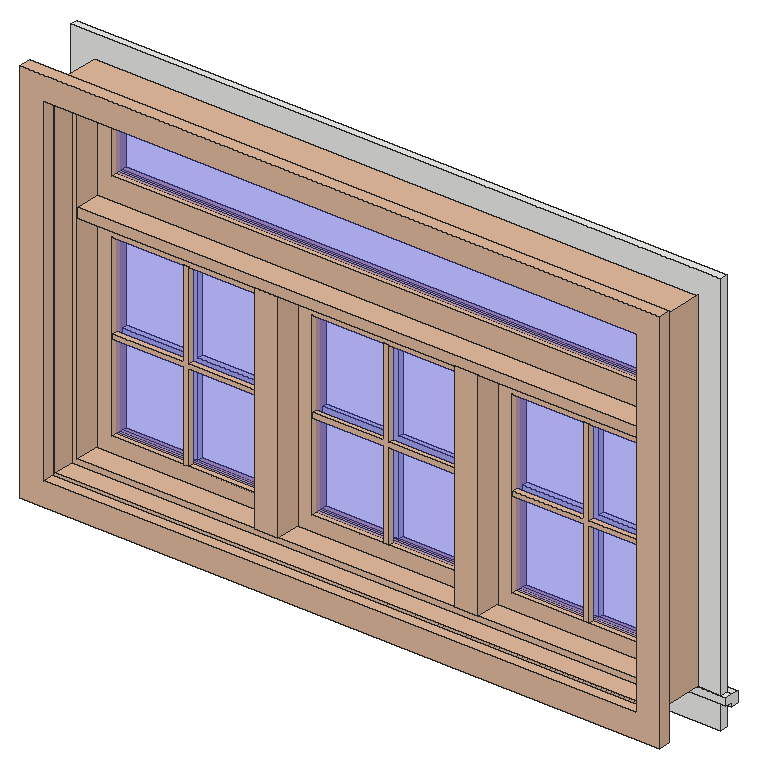
Revit family "M_Janela-batente-triplo-travessa", category Janelas, Revit 2019
Family settings
  Hospedeiro = Parede
  Número OmniClass = 23.30.20.17.21.14
  Título OmniClass = Casement Windows
  Sempre na vertical = Sim
  Corte com vazios quando carregada = Não
  Compartilhado = Não
  Ponto de cálculo do ambiente = Não
Parameters (values of type "1550 x 900mm")
  Janela aplicada [instance] = 0 mm
  Espessura da parede [instance] = 150 mm
  Um terceiro da largura = Largura / 3  # 516.667 mm
  Visual Light Transmittance = 0.81
  Altura da travessa = 300 mm
  Resistência térmica (R) = 0.319569 (m²·K)/W
  Solar Heat Gain Coefficient = 0.76
  Largura do caixilho = (Largura - 63.5 mm) / 3  # 495.5 mm
  Largura bruta = Largura + 15 mm  # 1565 mm
  Altura bruta = Altura + 15 mm  # 915 mm
  Altura da janela aberta = Altura - Altura da travessa  # 600 mm
  Largura do montante = Largura do caixilho - 2 * 57.15 mm  # 381.2 mm
  Visibilidade do montante lateral = yes
  Padrão do montante = M_Padrão do montante_2x2 : M_Padrão do montante_2x2
  Altura do montante = Altura - Altura da travessa - 2 * 57.15 mm - 12.7 mm  # 473 mm
  Visibilidade do montante central = yes
  Fechamento da parede interior [instance] = 54.75 mm
  Visibilidade do recorte interior [instance] = yes
  Material da apara interior = Madeira – Manchada
  Recorte interior = M_Moldura-janela-interior-plana : Quadro
  Altura = 900 mm
  Material da moldura interior = Madeira – Manchada
  Coeficiente de transferência de calor (U) = 3.12929 W/(m²·K)
  Material do painel de vidro = Vidro
  Extensão do quadro [instance] = if(Visibilidade da apara externa, Janela aplicada + 6.35 mm, 6.35 mm)  # 6.35 mm
  Classificação de incêndio = "0.5h"
  Fechamento da parede externa [instance] = 31.75 mm
  Visibilidade da apara externa [instance] = yes
  Material da apara externa = Revestimento – Branco
  Apara externa = M_Recorte-Janela-Exterior-Plana : com peitoril
  Material da moldura exterior = Revestimento – Branco
  Visibilidade do umbral da extensão [instance] = and(Visibilidade do recorte interior, Espessura da parede - Janela aplicada > 95.25 mm)  # yes
  Umbral da extensão [instance] = if(Espessura da parede - Janela aplicada > 95.25 mm, Espessura da parede - Janela aplicada - 95.25 mm, 25.4 mm)  # 54.75 mm
  Altura-padrão do peitoril = 900 mm
  Fechamento da parede = Por hospedeiro
  Largura = 1550 mm
  Código de montagem = "B2020100"
  Construção analítica = "Vidraça dupla – residencial"
Reference planes
  plane 1 "Centro (Frente/Trás)": y = 0
  plane 2: z = 0
  plane 3 "Centro (Esquerda/Direita)": x = 0
  plane 4 "Esquerda": x = -775
  plane 5 "Direita": x = 775
  plane 6 "Peitoril": z = 900
  plane 7 "Superior": z = 1800
  plane 8 "Inset Face": y = 75
  plane 9 "Fechamento da parede": y = -20.25
  plane 10 "Face do caixilho": y = 87.7
  plane 11 "Exterior": y = 75
  plane 12: x = 762.3
  plane 13: x = -762.3
  plane 14: z = 1787.3
  plane 15: z = 912.7
  plane 16: x = 705.15
  plane 17: x = -705.15
  plane 18: z = 969.85
  plane 19: y = 55.95
  plane 20 "Vidro": y = 65.475
  plane 21: x = 266.8
  plane 22: x = -266.8
  plane 23: x = 247.75
  plane 24: x = -247.75
  plane 25 "Umbral": y = -20.25
  plane 26 "Interior": y = -75
  plane 27: y = 94.05
  plane 28: x = -287.31
  plane 29: x = -257.275
  plane 30: x = -227.24
  plane 31: x = 257.275
  plane 32: y = 94.05
  plane 33: z = 1487.3
  plane 34: z = 1512.7
  plane 35 "Meio": z = 1200
  plane 36: z = 1474.6
  plane 37: x = 323.95
  plane 38: x = -323.95
  plane 39: z = 1430.15
  plane 40: x = 514.55
  plane 41: x = -514.55
  plane 42: y = -20.25
  plane 43: y = 43.25
  plane 44: x = 190.6
  plane 45: x = -190.6
  plane 46: z = 1500
  plane 47: y = 94.05
  plane 48: z = 1730.15
  plane 49: z = 1569.85
  plane 50: y = 43.25
Forms (mm)
  Sweep 1, solid, material "Madeira – Manchada" <- "Material da moldura interior"
    path origin (0, 87.7, 0) x (-1, 0, 0) y (0, 0, 1)
      loop
        line (-775, 900) -> (775, 900) -> (775, 1800) -> (-775, 1800) -> (-775, 900)
    profile origin (775, 87.7, 1350) x (1, 0, 0) y (0, 1, 0)
      loop
        line (0, 6.35) -> (-12.7, 6.35) -> (-12.7, -44.45) -> (-31.75, -44.45) -> (-31.75, -107.95) -> (0, -107.95) -> (0, 6.35)
  Extrusion 2, solid, material "Madeira – Manchada" <- "Material da moldura interior", visible <- "Visibilidade do umbral da extensão"
    sketch origin (0, 0, 0) x (1, 0, 0) y (0, 0, 1)
      loop
        line (775, 1800) -> (-775, 1800) -> (-775, 900) -> (775, 900) -> (775, 1800)
      loop
        line (755.95, 919.05) -> (755.95, 1780.95) -> (-755.95, 1780.95) -> (-755.95, 919.05) -> (755.95, 919.05)
    from 20.25 to 75
  Sweep 3, solid, material "Madeira – Manchada" <- "Material da moldura interior"
    path origin (0, 87.7, 0) x (-1, 0, 0) y (0, 0, 1)
      loop
        line (-762.3, 1487.3) -> (-762.3, 912.7) -> (-266.8, 912.7) -> (-266.8, 1487.3) -> (-762.3, 1487.3)
    profile origin (762.3, 87.7, 1200) x (0, 1, 0) y (-1, 0, 0)
      loop
        line (0, 0) -> (0, 57.15) -> (-44.45, 57.15) -> (-44.45, 0) -> (0, 0)
  Sweep 4, solid, material "Madeira – Manchada" <- "Material da moldura interior"
    path origin (0, 87.7, 0) x (-1, 0, 0) y (0, 0, 1)
      loop
        line (266.8, 912.7) -> (762.3, 912.7) -> (762.3, 1487.3) -> (266.8, 1487.3) -> (266.8, 912.7)
    profile origin (-266.8, 87.7, 1200) x (1, 0, 0) y (0, 1, 0)
      loop
        line (0, 0) -> (-57.15, 0) -> (-57.15, -44.45) -> (0, -44.45) -> (0, 0)
  Extrusion 5, solid, material "Vidro" <- "Material do painel de vidro"
    sketch origin (0, 0, 900) x (0, -1, 0) y (1, 0, 0)
      loop
        line (-75, 323.95) -> (-68.65, 323.95) -> (-68.65, 705.15) -> (-75, 705.15) -> (-75, 323.95)
      loop
        line (-55.95, 705.15) -> (-62.3, 705.15) -> (-62.3, 323.95) -> (-55.95, 323.95) -> (-55.95, 705.15)
    from 69.85 to 530.15
  Extrusion 6, solid, material "Vidro" <- "Material do painel de vidro"
    sketch origin (-701.675, 0, 900) x (0, -1, 0) y (1, 0, 0)
      loop
        line (-75, -3.475) -> (-68.65, -3.475) -> (-68.65, 377.725) -> (-75, 377.725) -> (-75, -3.475)
      loop
        line (-55.95, 377.725) -> (-62.3, 377.725) -> (-62.3, -3.475) -> (-55.95, -3.475) -> (-55.95, 377.725)
    from 69.85 to 530.15
  Extrusion 7, solid, material "Vidro" <- "Material do painel de vidro"
    sketch origin (-543.892, 0, 900) x (0, -1, 0) y (1, 0, 0)
      loop
        line (-75, 353.292) -> (-68.65, 353.292) -> (-68.65, 734.492) -> (-75, 734.492) -> (-75, 353.292)
      loop
        line (-55.95, 734.492) -> (-62.3, 734.492) -> (-62.3, 353.292) -> (-55.95, 353.292) -> (-55.95, 734.492)
    from 69.85 to 530.15
  Sweep 8, solid, material "Madeira – Manchada" <- "Material da moldura interior"
    path origin (-601.042, 87.7, 0) x (-1, 0, 0) y (0, 0, 1)
      loop
        line (-848.792, 1487.3) -> (-848.792, 912.7) -> (-353.292, 912.7) -> (-353.292, 1487.3) -> (-848.792, 1487.3)
    profile origin (247.75, 87.7, 1200) x (0, 1, 0) y (-1, 0, 0)
      loop
        line (0, 0) -> (0, 57.15) -> (-44.45, 57.15) -> (-44.45, 0) -> (0, 0)
  Extrusion 9, solid, material "Madeira – Manchada" <- "Material da moldura interior"
    sketch origin (0, 0, 900) x (0, -1, 0) y (1, 0, 0)
      loop
        line (-94.05, -266.8) -> (-43.25, -266.8) -> (-43.25, -287.31) -> (20.25, -287.31) -> (20.25, -227.24) -> (-43.25, -227.24) -> (-43.25, -247.75) -> (-94.05, -247.75) -> (-94.05, -266.8)
      loop
        line (-94.05, 247.75) -> (-43.25, 247.75) -> (-43.25, 227.24) -> (20.25, 227.24) -> (20.25, 287.31) -> (-43.25, 287.31) -> (-43.25, 266.8) -> (-94.05, 266.8) -> (-94.05, 247.75)
    from 12.7 to 587.3
  Extrusion 10, void
    sketch origin (0, 0, 0) x (1, 0, 0) y (0, 0, 1)
      loop
        line (-287.31, 1780.95) -> (-287.31, 1768.25) -> (-227.24, 1768.25) -> (-227.24, 1780.95) -> (-287.31, 1780.95)
      loop
        line (227.24, 1780.95) -> (227.24, 1768.25) -> (287.31, 1768.25) -> (287.31, 1780.95) -> (227.24, 1780.95)
      loop
        line (-287.31, 931.75) -> (-287.31, 912.7) -> (-227.24, 912.7) -> (-227.24, 931.75) -> (-287.31, 931.75)
      loop
        line (227.24, 931.75) -> (227.24, 912.7) -> (287.31, 912.7) -> (287.31, 931.75) -> (227.24, 931.75)
    from -65.475 to 20.25
  Extrusion 11, solid, material "Madeira – Manchada" <- "Material da moldura interior"
    sketch origin (0, 0, 900) x (0, -1, 0) y (1, 0, 0)
      loop
        line (20.25, 743.25) -> (-43.25, 743.25) -> (-43.25, 762.3) -> (-94.05, 762.3) -> (-94.05, -762.3) -> (-43.25, -762.3) -> (-43.25, -743.25) -> (20.25, -743.25) -> (20.25, 743.25)
    from 587.3 to 612.7
  Extrusion 12, solid, material "Vidro" <- "Material do painel de vidro"
    sketch origin (0, 0, 900) x (0, -1, 0) y (1, 0, 0)
      loop
        line (-75, -705.15) -> (-68.65, -705.15) -> (-68.65, 705.15) -> (-75, 705.15) -> (-75, -705.15)
      loop
        line (-62.3, 705.15) -> (-62.3, -705.15) -> (-55.95, -705.15) -> (-55.95, 705.15) -> (-62.3, 705.15)
    from 669.85 to 830.15
  Sweep 13, solid, material "Madeira – Manchada" <- "Material da moldura interior"
    path origin (-771.674, 87.7, 1219.2) x (-1, 0, 0) y (0, 0, 1)
      loop
        line (-1533.974, 293.5) -> (-9.374, 293.5) -> (-9.374, 568.1) -> (-1533.974, 568.1) -> (-1533.974, 293.5)
    profile origin (762.3, 87.7, 1650) x (1, 0, 0) y (0, 1, 0)
      loop
        line (0, 0) -> (-57.15, 0) -> (-57.15, -44.45) -> (0, -44.45) -> (0, 0)
Cuts and joins
  Extrusion 10 cuts Extrusion 9
Lines and regions (mm)
  Opening 1
    outline origin (-1524, -75, 0) x (1, 0, 0) y (0, 0, 1)
      loop
        line (749, 1800) -> (749, 900) -> (2299, 900) -> (2299, 1800) -> (749, 1800)
  Split face 1
    outline origin (705.15, 87.7, 969.85) x (-1, 0, 0) y (0, -1, 0)
      loop
        line (381.2, 12.7) -> (0, 12.7)
  Split face 2
    outline origin (705.15, 87.7, 1430.15) x (0, 0, -1) y (0, -1, 0)
      loop
        line (0, 12.7) -> (460.3, 12.7)
  Split face 3
    outline origin (323.95, 87.7, 969.85) x (0, 0, 1) y (0, -1, 0)
      loop
        line (460.3, 12.7) -> (0, 12.7)
  Split face 4
    outline origin (323.95, 87.7, 1430.15) x (0, -1, 0) y (1, 0, 0)
      loop
        line (12.7, 0) -> (12.7, 381.2)
  Split face 5
    outline origin (-705.15, 43.25, 969.85) x (1, 0, 0) y (0, 1, 0)
      loop
        line (0, 31.75) -> (381.2, 31.75)
  Split face 6
    outline origin (-323.95, 43.25, 969.85) x (0, 0, 1) y (0, 1, 0)
      loop
        line (460.3, 31.75) -> (0, 31.75)
  Split face 7
    outline origin (-705.15, 43.25, 1430.15) x (0, 0, -1) y (0, 1, 0)
      loop
        line (460.3, 31.75) -> (0, 31.75)
  Split face 8
    outline origin (-323.95, 43.25, 1430.15) x (0, 1, 0) y (-1, 0, 0)
      loop
        line (31.75, 381.2) -> (31.75, 0)
  Split face 9
    outline origin (190.6, 87.7, 969.85) x (-1, 0, 0) y (0, -1, 0)
      loop
        line (381.2, 12.7) -> (0, 12.7)
  Split face 10
    outline origin (190.6, 87.7, 1430.15) x (0, 0, -1) y (0, -1, 0)
      loop
        line (0, 12.7) -> (460.3, 12.7)
  Split face 11
    outline origin (-190.6, 87.7, 969.85) x (0, 0, 1) y (0, -1, 0)
      loop
        line (460.3, 12.7) -> (0, 12.7)
  Split face 12
    outline origin (-190.6, 87.7, 1430.15) x (0, -1, 0) y (1, 0, 0)
      loop
        line (12.7, 0) -> (12.7, 381.2)
  Split face 13
    outline origin (0, 0, 1512.7) x (0, -1, 0) y (1, 0, 0)
      loop
        line (-75, 762.3) -> (-75, -762.3)
  Split face 14
    outline origin (-762.3, 43.25, 1787.3) x (0, 0, -1) y (0, 1, 0)
      loop
        line (0, 31.75) -> (874.6, 31.75)
  Split face 15
    outline origin (762.3, 43.25, 912.7) x (0, 0, 1) y (0, 1, 0)
      loop
        line (874.6, 31.75) -> (0, 31.75)
  Split face 16
    outline origin (0, 0, 1487.3) x (0, -1, 0) y (1, 0, 0)
      loop
        line (-87.7, -762.3) -> (-87.7, 762.3)
  Split face 17
    outline origin (762.3, 43.25, 1787.3) x (0, 1, 0) y (-1, 0, 0)
      loop
        line (31.75, 1524.6) -> (31.75, 0)
  Split face 18
    outline origin (-705.15, 43.25, 1730.15) x (0, 0, -1) y (0, 1, 0)
      loop
        line (160.3, 31.75) -> (0, 31.75)
  Split face 19
    outline origin (-705.15, 43.25, 1569.85) x (1, 0, 0) y (0, 1, 0)
      loop
        line (0, 31.75) -> (1410.3, 31.75)
  Split face 20
    outline origin (705.15, 43.25, 1730.15) x (0, 1, 0) y (-1, 0, 0)
      loop
        line (31.75, 0) -> (31.75, 1410.3)
  Split face 21
    outline origin (705.15, 43.25, 1569.85) x (0, 0, 1) y (0, 1, 0)
      loop
        line (160.3, 31.75) -> (0, 31.75)
  symbolic lines, style "Giro da elevação"
    curve 1: line (266.8, 0, 1487.3) -> (762.3, 0, 1200)
    curve 2: line (762.3, 0, 1200) -> (266.8, 0, 912.7)
    curve 3: line (-266.8, 0, 1487.3) -> (-762.3, 0, 1200)
    curve 4: line (-762.3, 0, 1200) -> (-266.8, 0, 912.7)
Text (mm)
  text "EXTERIOR" at (-1490.695, 1293.036, 0), in view "Nível de referência"
  text "INTERIOR" at (-1490.695, -959.266, 0), in view "Nível de referência"
  text "Exterior" at (0, 1108.87, 3129.179), in view "Esquerda"
  text "Exterior" at (0, 464.664, 3176.206), in view "Direita"
Dimensions and locks
  equal spacing: plane 4 "Esquerda", plane 3 "Centro (Esquerda/Direita)", plane 5 "Direita"
  "Largura": plane 4 "Esquerda" to plane 5 "Direita"
  "Altura": plane 6 "Peitoril" to plane 7 "Superior"
  "Altura-padrão do peitoril": plane 2 to plane 6 "Peitoril"
  locked: plane 10 "Face do caixilho" to plane 8 "Inset Face" at 12.7
  "Espessura da parede": host wall to host wall
  "Janela aplicada": plane 11 "Exterior" to plane 8 "Inset Face"
  locked: Sweep 1 sketch curve to plane 5 "Direita" at 31.75
  locked: Sweep 1 sketch curve to plane 5 "Direita" at 12.7
  locked: plane 10 "Face do caixilho" to Sweep 1 sketch curve at 44.45
  locked: plane 12 to plane 5 "Direita" at 12.7
  locked: plane 4 "Esquerda" to plane 13 at 12.7
  locked: plane 14 to plane 7 "Superior" at 12.7
  locked: plane 6 "Peitoril" to plane 15 at 12.7
  locked: plane 16 to plane 12 at 57.15
  locked: plane 13 to plane 17 at 57.15
  locked: plane 15 to plane 18 at 57.15
  locked: Extrusion 2 sketch curve to plane 7 "Superior" at 19.05
  locked: Extrusion 2 sketch curve to plane 5 "Direita" at 19.05
  locked: Extrusion 2 sketch curve to plane 4 "Esquerda" at 19.05
  locked: plane 6 "Peitoril" to Extrusion 2 sketch curve at 19.05
  plane 13 to plane 12 = 1524.6 mm
  plane 19 to Sweep 3 = 12.7 mm
  equal spacing: plane 8 "Inset Face", plane 20 "Vidro", plane 19
  locked: plane 8 "Inset Face" to plane 19 at 19.05
  plane 23 to plane 21 = 19.05 mm  (x2)
  plane 24 to plane 22 = 19.05 mm
  "Largura do caixilho": plane 21 to plane 12
  "Largura do caixilho": plane 13 to plane 22
  "Umbral da extensão": plane 25 "Umbral" to plane 26 "Interior"
  locked: plane 27 to plane 10 "Face do caixilho" at 6.35
  equal spacing: plane 28, plane 29, plane 30
  plane 28 to plane 30 = 60.07 mm
  equal spacing: plane 22, plane 29, plane 24
  equal spacing: plane 23, plane 31, plane 21
  locked: plane 32 to plane 11 "Exterior" at 19.05
  locked: plane 8 "Inset Face" to plane 9 "Fechamento da parede" at 95.25
  locked: plane 33 to plane 34 at 25.4
  equal spacing: plane 15, plane 35 "Meio", plane 33
  locked: plane 33 to plane 36 at 12.7
  locked: plane 21 to plane 37 at 57.15
  locked: plane 38 to plane 22 at 57.15
  locked: plane 39 to plane 33 at 57.15
  equal spacing: plane 37, plane 40, plane 16
  equal spacing: plane 17, plane 41, plane 38
  level to host wall = 5946.41 mm
  "Fechamento da parede interior": plane 42 to plane 26 "Interior"
  "Fechamento da parede externa": plane 11 "Exterior" to plane 43
  locked: plane 23 to plane 44 at 57.15
  locked: plane 45 to plane 24 at 57.15
  equal spacing: plane 33, plane 46, plane 34
  "Altura da travessa": plane 46 to plane 7 "Superior"
  "Extensão do quadro": plane 47 to plane 10 "Face do caixilho"
  locked: plane 10 "Face do caixilho" to Sweep 13 sketch curve at 44.45
  locked: plane 34 to plane 49 at 57.15
  locked: plane 48 to plane 14 at 57.15
  locked: plane 10 "Face do caixilho" to plane 50 at 44.45
  aligned and locked: plane 7 "Superior" to Opening 1 sketch curve
  aligned and locked: plane 6 "Peitoril" to Opening 1 sketch curve  (x2)
  aligned and locked: plane 5 "Direita" to Opening 1 sketch curve
  aligned and locked: plane 4 "Esquerda" to Opening 1 sketch curve
  aligned and locked: level to plane 2
  aligned and locked: host wall to plane 11 "Exterior"
  aligned and locked: plane 5 "Direita" to Sweep 1 sketch curve
  aligned and locked: plane 7 "Superior" to Sweep 1 sketch curve
  aligned and locked: Sweep 1 sketch curve to plane 4 "Esquerda"
  aligned and locked: Sweep 1 sketch curve to plane 6 "Peitoril"
  aligned and locked: Extrusion 2 sketch curve to host wall  (x3)
  aligned and locked: plane 7 "Superior" to Extrusion 2 sketch curve
  aligned and locked: host wall to Extrusion 2
  aligned and locked: Sweep 3 sketch curve to plane 12
  aligned and locked: Sweep 3 sketch curve to plane 15
  aligned and locked: plane 16 to Sweep 3 sketch curve
  aligned and locked: Sweep 3 sketch curve to plane 10 "Face do caixilho"
  aligned and locked: plane 15 to Sweep 4 sketch curve
  aligned and locked: Sweep 4 sketch curve to plane 13
  aligned and locked: Split face 1 sketch curve to plane 8 "Inset Face"
  aligned and locked: plane 8 "Inset Face" to Split face 2 sketch curve
  aligned and locked: plane 8 "Inset Face" to Split face 3 sketch curve
  aligned and locked: Split face 4 sketch curve to plane 8 "Inset Face"
  aligned and locked: Extrusion 5 sketch curve to plane 8 "Inset Face"
  aligned and locked: plane 16 to Extrusion 5 sketch curve
  aligned and locked: Sweep 3 to Extrusion 5 sketch curve
  aligned and locked: Extrusion 5 sketch curve to plane 19
  aligned and locked: Extrusion 5 sketch curve to plane 16
  aligned and locked: Extrusion 5 sketch curve to Sweep 3
  aligned and locked: Extrusion 5 to plane 18
  aligned and locked: Extrusion 6 sketch curve to plane 8 "Inset Face"
  aligned and locked: plane 19 to Extrusion 6 sketch curve
  aligned and locked: Sweep 4 to Extrusion 6 sketch curve  (x2)
  aligned and locked: Extrusion 6 sketch curve to plane 17  (x2)
  aligned and locked: plane 15 to curve 2
  aligned and locked: plane 15 to curve 4
  aligned and locked: Split face 5 sketch curve to Extrusion 6
  aligned and locked: plane 8 "Inset Face" to Split face 6 sketch curve
  aligned and locked: Split face 7 sketch curve to plane 8 "Inset Face"
  aligned and locked: Split face 8 sketch curve to plane 8 "Inset Face"
  aligned and locked: plane 21 to Sweep 3 sketch curve
  aligned and locked: plane 22 to Sweep 4 sketch curve
  aligned and locked: Sweep 8 sketch curve to plane 23
  aligned and locked: Sweep 8 sketch curve to plane 24
  aligned and locked: Sweep 8 sketch curve to plane 15
  aligned and locked: Sweep 8 to Extrusion 7 sketch curve  (x4)
  aligned and locked: Extrusion 7 to plane 18
  aligned and locked: Sweep 3 to curve 2  (x2)
  aligned and locked: Extrusion 7 sketch curve to plane 8 "Inset Face"
  aligned and locked: plane 19 to Extrusion 7 sketch curve
  aligned and locked: plane 20 "Vidro" to nested 2
  aligned and locked: nested 3 to host wall
  aligned and locked: plane 3 "Centro (Esquerda/Direita)" to nested 3
  aligned and locked: nested 4 to host wall
  aligned and locked: nested 4 to plane 4 "Esquerda"
  aligned and locked: Extrusion 2 to plane 25 "Umbral"
  aligned and locked: plane 26 "Interior" to host wall
  aligned and locked: plane 9 "Fechamento da parede" to Sweep 1
  aligned and locked: plane 22 to Extrusion 9 sketch curve
  aligned and locked: plane 24 to Extrusion 9 sketch curve
  aligned and locked: Extrusion 9 sketch curve to plane 28
  aligned and locked: Extrusion 9 sketch curve to plane 30
  aligned and locked: Sweep 1 to Extrusion 9 sketch curve  (x2)
  aligned and locked: Sweep 4 to Extrusion 9
  aligned and locked: Extrusion 9 to Sweep 4
  aligned and locked: plane 23 to Extrusion 9 sketch curve
  aligned and locked: Extrusion 9 sketch curve to plane 21
  aligned and locked: Extrusion 2 to Extrusion 10 sketch curve  (x2)
  aligned and locked: plane 28 to Extrusion 10 sketch curve  (x2)
  aligned and locked: Extrusion 10 sketch curve to Sweep 1  (x4)
  aligned and locked: plane 30 to Extrusion 10 sketch curve  (x2)
  aligned and locked: Extrusion 9 to Extrusion 10 sketch curve
  aligned and locked: Extrusion 10 sketch curve to Extrusion 9  (x3)
  aligned and locked: Extrusion 10 to plane 9 "Fechamento da parede"
  aligned and locked: Extrusion 10 sketch curve to plane 15  (x2)
  aligned and locked: plane 33 to Sweep 3 sketch curve
  aligned and locked: plane 33 to Sweep 8 sketch curve
  aligned and locked: Sweep 4 sketch curve to plane 33
  aligned and locked: Extrusion 5 to Sweep 3
  aligned and locked: Extrusion 7 to Sweep 3
  aligned and locked: Extrusion 6 to Sweep 3
  aligned and locked: plane 34 to Extrusion 11
  aligned and locked: Extrusion 11 to plane 33
  aligned and locked: Extrusion 11 sketch curve to plane 13
  aligned and locked: plane 12 to Extrusion 11 sketch curve
  aligned and locked: Extrusion 12 sketch curve to plane 19
  aligned and locked: Extrusion 12 sketch curve to plane 8 "Inset Face"
  aligned and locked: plane 8 "Inset Face" to Split face 13 sketch curve
  aligned and locked: plane 12 to Split face 13 sketch curve
  aligned and locked: plane 13 to Split face 13 sketch curve
  aligned and locked: plane 8 "Inset Face" to Split face 14 sketch curve
  aligned and locked: plane 15 to Split face 14 sketch curve
  aligned and locked: plane 14 to Split face 14 sketch curve
  aligned and locked: plane 8 "Inset Face" to Split face 15 sketch curve
  aligned and locked: plane 15 to Split face 15 sketch curve
  aligned and locked: plane 14 to Split face 15 sketch curve
  aligned and locked: cut or joined group of Extrusion 9, Extrusion 10 to curve 1
  aligned and locked: curve 3 to Sweep 4
  aligned and locked: Sweep 4 to curve 3
  aligned and locked: Split face 16 sketch curve to plane 10 "Face do caixilho"
  aligned and locked: Split face 17 sketch curve to plane 8 "Inset Face"
  aligned and locked: Extrusion 11 sketch curve to plane 27
  aligned and locked: nested 5 to plane 5 "Direita"
  aligned and locked: nested 5 to plane 11 "Exterior"
  aligned and locked: plane 6 "Peitoril" to nested 5
  aligned and locked: plane 6 "Peitoril" to nested 4
  aligned and locked: plane 6 "Peitoril" to nested 3
  aligned and locked: plane 3 "Centro (Esquerda/Direita)" to nested 6
  aligned and locked: nested 6 to plane 11 "Exterior"
  aligned and locked: nested 6 to plane 7 "Superior"
  aligned and locked: nested 2 to plane 18
  aligned and locked: plane 18 to nested 1
  aligned and locked: nested 2 to plane 39
  aligned and locked: plane 39 to nested 1
  aligned and locked: nested 1 to plane 38
  aligned and locked: nested 1 to plane 17
  aligned and locked: nested 2 to plane 37
  aligned and locked: nested 2 to plane 16
  aligned and locked: plane 7 "Superior" to nested 7
  aligned and locked: nested 7 to plane 3 "Centro (Esquerda/Direita)"
  aligned and locked: plane 7 "Superior" to nested 8
  aligned and locked: plane 3 "Centro (Esquerda/Direita)" to nested 8
  aligned and locked: nested 1 to plane 20 "Vidro"
  aligned and locked: plane 20 "Vidro" to Extrusion 10
  aligned and locked: plane 44 to nested 9
  aligned and locked: plane 45 to nested 9
  aligned and locked: nested 9 to plane 18
  aligned and locked: nested 9 to plane 39
  aligned and locked: plane 20 "Vidro" to nested 9
  aligned and locked: Sweep 1 sketch curve to plane 47
  aligned and locked: Sweep 13 sketch curve to plane 14
  aligned and locked: Sweep 13 sketch curve to plane 13
  aligned and locked: plane 34 to Sweep 13 sketch curve
  aligned and locked: plane 12 to Sweep 13 sketch curve
  aligned and locked: Sweep 13 sketch curve to plane 12
  aligned and locked: plane 16 to Sweep 13 sketch curve
  aligned and locked: Sweep 13 sketch curve to plane 10 "Face do caixilho"
  aligned and locked: Extrusion 12 sketch curve to plane 17
  aligned and locked: plane 17 to Extrusion 12 sketch curve
  aligned and locked: plane 16 to Extrusion 12 sketch curve
  aligned and locked: Extrusion 12 sketch curve to plane 16
  aligned and locked: plane 48 to Extrusion 12
  aligned and locked: Extrusion 12 to plane 49
  aligned and locked: plane 8 "Inset Face" to Split face 18 sketch curve
  aligned and locked: Split face 19 sketch curve to plane 8 "Inset Face"
  aligned and locked: plane 8 "Inset Face" to Split face 20 sketch curve
  aligned and locked: Split face 21 sketch curve to plane 8 "Inset Face"
  aligned and locked: Extrusion 9 sketch curve to plane 50
  aligned and locked: plane 50 to Extrusion 9 sketch curve  (x3)
  aligned and locked: Extrusion 9 sketch curve to plane 27  (x2)
Automatic sketch dimensions
  Sweep 3 sketch curve to profile plane = 0 mm
  Sweep 3 sketch curve to plane 10 "Face do caixilho" = 44.45 mm
  Sweep 4 sketch curve to plane 10 "Face do caixilho" = 0 mm
  Sweep 4 sketch curve to profile plane = 0 mm
  profile plane to Sweep 4 sketch curve = 57.15 mm
  Sweep 4 sketch curve to plane 10 "Face do caixilho" = 44.45 mm
  Split face 1 sketch curve to Sweep 3 = 0 mm  (x2)
  Sweep 3 to Split face 2 sketch curve = 0 mm
  Split face 2 sketch curve to Sweep 3 = 0 mm
  Split face 3 sketch curve to Sweep 3 = 0 mm
  Sweep 3 to Split face 3 sketch curve = 0 mm
  Split face 4 sketch curve to Sweep 3 = 0 mm  (x2)
  plane 20 "Vidro" to Extrusion 5 sketch curve = 3.175 mm
  Extrusion 5 sketch curve to plane 20 "Vidro" = 3.175 mm
  plane 20 "Vidro" to Extrusion 6 sketch curve = 3.175 mm
  Extrusion 6 sketch curve to plane 20 "Vidro" = 3.175 mm
  Split face 5 sketch curve to Sweep 4 = 0 mm  (x2)
  Split face 6 sketch curve to Sweep 4 = 0 mm
  Sweep 4 to Split face 6 sketch curve = 0 mm
  Sweep 4 to Split face 7 sketch curve = 0 mm
  Split face 7 sketch curve to Sweep 4 = 0 mm
  Split face 8 sketch curve to Sweep 4 = 0 mm  (x2)
  plane 20 "Vidro" to Extrusion 7 sketch curve = 3.175 mm
  Extrusion 7 sketch curve to plane 20 "Vidro" = 3.175 mm
  Sweep 8 sketch curve to profile plane = 0 mm
  Sweep 8 sketch curve to plane 10 "Face do caixilho" = 0 mm
  Sweep 8 sketch curve to Sweep 8 sketch curve = 44.45 mm
  Sweep 8 sketch curve to profile plane = 57.15 mm
  Split face 9 sketch curve to Sweep 8 = 0 mm  (x2)
  Split face 9 sketch curve to Sweep 8 = 12.7 mm
  Sweep 8 to Split face 10 sketch curve = 0 mm
  Split face 10 sketch curve to Sweep 8 = 0 mm
  Split face 10 sketch curve to Sweep 8 = 12.7 mm
  Split face 11 sketch curve to Sweep 8 = 0 mm
  Sweep 8 to Split face 11 sketch curve = 0 mm
  Split face 11 sketch curve to Sweep 8 = 12.7 mm
  Split face 12 sketch curve to Sweep 8 = 0 mm  (x2)
  Split face 12 sketch curve to Sweep 8 = 12.7 mm
  Sweep 1 sketch curve to profile plane = 0 mm
  Sweep 1 sketch curve to Sweep 1 sketch curve = 63.5 mm
  Extrusion 11 sketch curve to plane 19 = 12.7 mm  (x2)
  plane 12 to Extrusion 11 sketch curve = 19.05 mm
  Extrusion 11 sketch curve to Extrusion 11 sketch curve = 19.05 mm
  Extrusion 11 sketch curve to plane 9 "Fechamento da parede" = 0 mm
  plane 20 "Vidro" to Extrusion 12 sketch curve = 3.175 mm
  Extrusion 12 sketch curve to plane 20 "Vidro" = 3.175 mm
  plane 22 to curve 4 = 0 mm
  curve 2 to plane 35 "Meio" = 0 mm
  curve 3 to plane 35 "Meio" = 0 mm
  curve 3 to plane 33 = 0 mm
  curve 1 to plane 33 = 0 mm
  Split face 16 sketch curve to Extrusion 11 = 0 mm  (x2)
  Split face 17 sketch curve to Sweep 1 = 0 mm  (x2)
  Sweep 13 to Split face 18 sketch curve = 0 mm
  Split face 18 sketch curve to Sweep 13 = 0 mm
  Split face 19 sketch curve to Sweep 13 = 0 mm  (x2)
  Split face 20 sketch curve to Sweep 13 = 0 mm  (x2)
  Split face 21 sketch curve to Sweep 13 = 0 mm
  Sweep 13 to Split face 21 sketch curve = 0 mm
  plane 23 to Extrusion 9 sketch curve = 20.51 mm
  Extrusion 9 sketch curve to plane 21 = 20.51 mm
Nested families
  nested 1: "M_Padrão do montante_2x2" at (-514.55, 65.475, 969.85), Material interior <- "Material da moldura interior", Material externo <- "Material da moldura exterior", visible <- "Visibilidade do montante lateral", type <- "Padrão do montante", type "M_Padrão do montante_2x2"
    with Largura 381.2 mm, Material interior Madeira – Manchada, Altura 460.3 mm, Material externo Revestimento – Branco
  nested 2: "M_Padrão do montante_2x2" at (514.55, 65.475, 969.85) x (-1, 0, 0) z (0, 0, 1), Material interior <- "Material da moldura interior", Material externo <- "Material da moldura exterior", visible <- "Visibilidade do montante lateral", type <- "Padrão do montante", type "M_Padrão do montante_2x2"
    with Largura 381.2 mm, Material interior Madeira – Manchada, Altura 460.3 mm, Material externo Revestimento – Branco
  nested 3: "M_Plano-Batente" at (0, 75, 900), Largura <- "Um terceiro da largura", Janela aplicada <- "Janela aplicada", Altura <- "Altura da janela aberta", Espessura da parede <- "Espessura da parede", type "M_Plano-Batente"
    with Janela aplicada de 3D 0 mm, Janela aplicada 0 mm, Largura 516.667 mm, Espessura da parede 150 mm, Linha superior no, Linha à direita no, RH no, Linha à esquerda no, LH no, Altura 600 mm, Linha inferior yes
  nested 4: "M_Plano-Batente" at (-516.667, 75, 900), Largura <- "Um terceiro da largura", Janela aplicada <- "Janela aplicada", Altura <- "Altura da janela aberta", Espessura da parede <- "Espessura da parede", type "M_Plano-Batente"
    with Janela aplicada de 3D 0 mm, Janela aplicada 0 mm, Largura 516.667 mm, Espessura da parede 150 mm, Linha superior no, Linha à direita no, RH no, Linha à esquerda yes, LH yes, Altura 600 mm, Linha inferior yes
  nested 5: "M_Plano-Batente" at (516.667, 75, 900), Janela aplicada <- "Janela aplicada", Largura <- "Um terceiro da largura", Altura <- "Altura da janela aberta", Espessura da parede <- "Espessura da parede", type "M_Plano-Batente"
    with Janela aplicada de 3D 0 mm, Janela aplicada 0 mm, Largura 516.667 mm, Espessura da parede 150 mm, Linha superior no, Linha à direita yes, RH yes, Linha à esquerda no, LH no, Altura 600 mm, Linha inferior yes
  nested 6: "M_Plana-fixa_simples" at (0, 75, 1500), Janela aplicada <- "Janela aplicada", Largura <- "Largura", Altura <- "Altura da travessa", Espessura da parede <- "Espessura da parede", type "M_Plana-fixa_simples"
    with Janela aplicada de 3D 0 mm, Janela aplicada 0 mm, Largura 1550 mm, Espessura da parede 150 mm, Linha superior yes, Linha à direita yes, Linha à esquerda yes, Altura 300 mm, Linha inferior no
  nested 7: "M_Recorte-Janela-Exterior-Plana" at (0, 75, 1800) x (-1, 0, 0) z (0, 1, 0), visible <- "Visibilidade da apara externa", Material da apara <- "Material da apara externa", Largura da abertura <- "Largura", Altura da abertura <- "Altura", type <- "Apara externa", type "com peitoril"
    with Material da apara Revestimento – Branco, Largura da abertura 1550 mm, Altura da abertura 900 mm
  nested 8: "M_Moldura-janela-interior-plana" at (0, -75, 1800) x (1, 0, 0) z (0, -1, 0), visible <- "Visibilidade do recorte interior", Material da apara <- "Material da apara interior", Largura da abertura <- "Largura", Altura da abertura <- "Altura", type <- "Recorte interior", type "Quadro"
    with Material da apara Madeira – Manchada, Largura da abertura 1550 mm, Altura da abertura 900 mm
  nested 9: "M_Padrão do montante_2x2" at (0, 65.475, 969.85) x (-1, 0, 0) z (0, 0, 1), Material interior <- "Material da moldura interior", Material externo <- "Material da moldura exterior", visible <- "Visibilidade do montante central", type <- "Padrão do montante", type "M_Padrão do montante_2x2"
    with Largura 381.2 mm, Material interior Madeira – Manchada, Altura 460.3 mm, Material externo Revestimento – Branco
Definition of nested family "M_Padrão do montante_2x2"
  Parameters (values of type "M_Padrão do montante_2x2")
    Largura [instance] = 1200 mm
    Espessura = 12.7 mm
    Altura [instance] = 1200 mm
    Material interior [instance] = none
    Material externo [instance] = none
    Distância = 19.05 mm
  Reference planes
    plane 1 "Centro (Frente/Trás)": y = 0
    plane 2: z = 0
    plane 3 "Centro (Esquerda/Direita)": x = 0
    plane 4: z = 1200
    plane 5: x = -600
    plane 6: x = 600
    plane 7: z = 600
    plane 8: y = 9.525
    plane 9: y = 22.225
    plane 10: y = -9.525
    plane 11: y = -22.225
  Forms (mm)
    Extrusion 1, solid, material <- "Material interior", detail levels fine
      sketch origin (0, 0, 0) x (1, 0, 0) y (0, 0, 1)
        loop
          line (-600, 606.35) -> (-600, 593.65) -> (-6.35, 593.65) -> (-6.35, 0) -> (6.35, 0) -> (6.35, 593.65) -> (600, 593.65) -> (600, 606.35) -> (6.35, 606.35) -> (6.35, 1200) -> (-6.35, 1200) -> (-6.35, 606.35) -> (-600, 606.35)
      from 9.525 to 22.225
    Extrusion 2, solid, material <- "Material externo", detail levels fine
      sketch origin (0, 0, 0) x (1, 0, 0) y (0, 0, -1)
        loop
          line (-600, -606.35) -> (-6.35, -606.35) -> (-6.35, -1200) -> (6.35, -1200) -> (6.35, -606.35) -> (600, -606.35) -> (600, -593.65) -> (6.35, -593.65) -> (6.35, 0) -> (-6.35, 0) -> (-6.35, -593.65) -> (-600, -593.65) -> (-600, -606.35)
      from 9.525 to 22.225
  Lines and regions (mm)
    model lines, detail levels medium
      curve 1: line (0, 9.525, 1200) -> (0, 9.525, 0)
      curve 2: line (-600, -9.525, 600) -> (600, -9.525, 600)
      curve 3: line (-600, 9.525, 600) -> (600, 9.525, 600)
      curve 4: line (0, -9.525, 1200) -> (0, -9.525, 0)
  Dimensions and locks
    equal spacing: plane 6, plane 3 "Centro (Esquerda/Direita)", plane 5
    "Largura": plane 6 to plane 5
    "Altura": plane 4 to plane 2
    equal spacing: plane 4, plane 7, plane 2
    locked: plane 3 "Centro (Esquerda/Direita)" to Extrusion 1 sketch curve at 6.35  (x4)
    locked: Extrusion 1 sketch curve to plane 7 at 6.35  (x2)
    locked: plane 7 to Extrusion 1 sketch curve at 6.35  (x2)
    "Espessura": plane 9 to plane 8
    "Espessura": plane 10 to plane 11
    "Distância": plane 8 to plane 10
    equal spacing: plane 8, plane 1 "Centro (Frente/Trás)", plane 10
    aligned and locked: plane 2 to level
    aligned and locked: plane 4 to curve 1
    aligned and locked: plane 5 to curve 2
    aligned and locked: plane 2 to curve 1
    aligned and locked: plane 6 to curve 2
    aligned and locked: Extrusion 1 sketch curve to plane 4
    aligned and locked: Extrusion 1 sketch curve to plane 6
    aligned and locked: Extrusion 1 sketch curve to plane 5
    aligned and locked: Extrusion 1 sketch curve to level
    aligned and locked: Extrusion 1 to plane 11
    aligned and locked: plane 10 to Extrusion 1
    aligned and locked: Extrusion 2 to plane 5
    aligned and locked: plane 6 to Extrusion 2
    aligned and locked: Extrusion 2 to plane 8
    aligned and locked: plane 9 to Extrusion 2
    aligned and locked: Extrusion 2 to plane 2
    aligned and locked: plane 4 to Extrusion 2
    aligned and locked: plane 5 to curve 3
    aligned and locked: plane 6 to curve 3
    aligned and locked: plane 4 to curve 4
    aligned and locked: plane 2 to curve 4
    aligned and locked: plane 8 to curve 3
  Automatic sketch dimensions
    curve 2 to plane 7 = 0 mm
    Extrusion 2 sketch curve to plane 5 = 0 mm
    Extrusion 2 sketch curve to level = 0 mm
    Extrusion 2 sketch curve to plane 4 = 0 mm
    Extrusion 2 sketch curve to plane 6 = 0 mm
    Extrusion 2 sketch curve to plane 3 "Centro (Esquerda/Direita)" = 6.35 mm  (x2)
    plane 3 "Centro (Esquerda/Direita)" to Extrusion 2 sketch curve = 6.35 mm  (x2)
    plane 7 to Extrusion 2 sketch curve = 6.35 mm  (x2)
    Extrusion 2 sketch curve to plane 7 = 6.35 mm  (x2)
    curve 4 to plane 3 "Centro (Esquerda/Direita)" = 0 mm
    curve 4 to level = 0 mm
    curve 4 to plane 4 = 0 mm
    curve 3 to plane 6 = 0 mm
    curve 1 to plane 3 "Centro (Esquerda/Direita)" = 0 mm
    curve 3 to plane 5 = 0 mm
    curve 3 to plane 7 = 0 mm
Definition of nested family "M_Recorte-Janela-Exterior-Plana"
  Parameters (values of type "com peitoril")
    Largura da apara = 60 mm
    Espessura da apara_Quadro = 30 mm
    Espessura da apara_com peitoril = 19.05 mm
    Material da apara [instance] = none
    Espessura do peitoril = 30 mm
    Peitoril = yes
    Quadro = no
    Largura da abertura [instance] = 600 mm
    Altura da abertura [instance] = 900 mm
    Default Elevation = 1200 mm
  Types (2, lengths in mm): name | Peitoril | Quadro
    com peitoril | yes | no
    Quadro | no | yes
  Reference planes
    plane 1 "Centro (Frente/Trás)": y = 0
    plane 2: z = 0
    plane 3 "Centro (Esquerda/Direita)": x = 0
    plane 4: y = 60
    plane 5 "Esquerda": x = -300
    plane 6 "Direita": x = 300
    plane 7 "Inferior": y = -900
    plane 8: y = -930
    plane 9: y = -980.432
    plane 10: x = 360
    plane 11: x = -360
    plane 12: z = 19.05
    plane 13: z = 30
    plane 14: x = 372.7
    plane 15: x = -372.7
    plane 16: y = -920.432
    plane 17: y = -960
    plane 18: z = 12.7
    plane 19: y = -450
    plane 20: z = 38.1
  Forms (mm)
    Extrusion 1, solid
      sketch origin (0, 0, 0) x (1, 0, 0) y (0, 1, 0)
        loop
          line (-361.95, 57.15) -> (-361.95, -993.732) -> (361.95, -993.732) -> (361.95, 57.15) -> (-361.95, 57.15)
      from 0 to -304.8
    Extrusion 2, solid, material <- "Material da apara", visible <- "Peitoril"
      sketch origin (0, 0, 0) x (1, 0, 0) y (0, 1, 0)
        loop
          line (-360, -900) -> (-300, -900) -> (-300, 0) -> (300, 0) -> (300, -900) -> (360, -900) -> (360, 60) -> (-360, 60) -> (-360, -900)
      from 0 to 19.05
    Extrusion 3, solid, material <- "Material da apara", visible <- "Peitoril"
      sketch origin (0, 0, 0) x (0, 1, 0) y (0, 0, 1)
        loop
          line (-902.458, 38.1) -> (-930, 38.1) -> (-930, 19.05) -> (-920.432, 19.05) -> (-920.432, 0) -> (-900, 0) -> (-900, 19.05) -> (-902.458, 38.1)
      from -372.7 to 372.7
    Extrusion 4, solid, material <- "Material da apara", visible <- "Peitoril"
      sketch origin (0, 0, 0) x (1, 0, 0) y (0, 1, 0)
        loop
          line (-360, -920.432) -> (-360, -980.432) -> (360, -980.432) -> (360, -920.432) -> (-360, -920.432)
      from 0 to 19.05
    Extrusion 5, solid, material <- "Material da apara", visible <- "Quadro"
      sketch origin (0, 0, 0) x (1, 0, 0) y (0, 1, 0)
        loop
          line (-300, 0) -> (-300, -900) -> (300, -900) -> (300, 0) -> (-300, 0)
        loop
          line (-360, 60) -> (-360, -960) -> (360, -960) -> (360, 60) -> (-360, 60)
      from 0 to 30
  Dimensions and locks
    equal spacing: plane 5 "Esquerda", plane 3 "Centro (Esquerda/Direita)", plane 6 "Direita"
    "Largura da abertura": plane 5 "Esquerda" to plane 6 "Direita"
    "Altura da abertura": plane 7 "Inferior" to plane 1 "Centro (Frente/Trás)"
    "Espessura do peitoril": plane 7 "Inferior" to plane 8
    "Largura da apara": plane 11 to plane 5 "Esquerda"
    "Largura da apara": plane 6 "Direita" to plane 10
    "Largura da apara": plane 1 "Centro (Frente/Trás)" to plane 4
    locked: plane 15 to plane 11 at 12.7
    locked: plane 10 to plane 14 at 12.7
    locked: plane 16 to plane 8 at 9.568
    "Largura da apara": plane 9 to plane 16
    "Largura da apara": plane 17 to plane 7 "Inferior"
    locked: plane 18 to plane 2 at 12.7
    equal spacing: plane 7 "Inferior", plane 19, plane 1 "Centro (Frente/Trás)"
    locked: plane 20 to plane 12 at 19.05
    "Espessura da apara_com peitoril": plane 12 to plane 2
    "Espessura da apara_Quadro": plane 13 to plane 2
    aligned and locked: plane 2 to Extrusion 1
    aligned and locked: level to Extrusion 1
    aligned and locked: Extrusion 2 sketch curve to plane 5 "Esquerda"
    aligned and locked: Extrusion 2 sketch curve to plane 11
    aligned and locked: plane 7 "Inferior" to Extrusion 2 sketch curve  (x2)
    aligned and locked: plane 1 "Centro (Frente/Trás)" to Extrusion 2 sketch curve
    aligned and locked: plane 10 to Extrusion 2 sketch curve
    aligned and locked: Extrusion 2 sketch curve to plane 6 "Direita"
    aligned and locked: plane 12 to Extrusion 2
    aligned and locked: Extrusion 3 sketch curve to level
    aligned and locked: plane 7 "Inferior" to Extrusion 3 sketch curve
    aligned and locked: Extrusion 3 sketch curve to plane 8
    aligned and locked: plane 15 to Extrusion 3
    aligned and locked: Extrusion 3 to plane 14
    aligned and locked: plane 10 to Extrusion 4 sketch curve
    aligned and locked: Extrusion 4 sketch curve to plane 11
    aligned and locked: plane 16 to Extrusion 4 sketch curve
    aligned and locked: plane 9 to Extrusion 4 sketch curve
    aligned and locked: Extrusion 4 to Extrusion 2
    aligned and locked: Extrusion 2 sketch curve to plane 4
    aligned and locked: plane 1 "Centro (Frente/Trás)" to Extrusion 5 sketch curve
    aligned and locked: Extrusion 5 sketch curve to plane 4
    aligned and locked: Extrusion 5 sketch curve to plane 17
    aligned and locked: plane 7 "Inferior" to Extrusion 5 sketch curve
    aligned and locked: Extrusion 5 sketch curve to plane 6 "Direita"
    aligned and locked: plane 10 to Extrusion 5 sketch curve
    aligned and locked: Extrusion 5 sketch curve to plane 5 "Esquerda"
    aligned and locked: Extrusion 5 sketch curve to plane 11
    aligned and locked: plane 13 to Extrusion 5
    aligned and locked: plane 20 to Extrusion 3
  Automatic sketch dimensions
    Extrusion 1 sketch curve to Extrusion 1 sketch curve = 723.9 mm
    Extrusion 1 sketch curve to Extrusion 1 sketch curve = 1050.882 mm
    Extrusion 3 sketch curve to plane 16 = 0 mm
    Extrusion 3 sketch curve to plane 12 = 0 mm  (x2)
    Extrusion 3 sketch curve to plane 7 "Inferior" = 2.458 mm
    plane 13 to Extrusion 3 sketch curve = 8.1 mm
Definition of nested family "M_Moldura-janela-interior-plana"
  Parameters (values of type "com peitoril")
    Espessura da apara_Quadro = 30 mm
    Largura da apara = 60 mm
    Espessura da apara_com peitoril = 20 mm
    Material da apara [instance] = none
    Espessura do peitoril = 30 mm
    Peitoril = yes
    Quadro = no
    Largura da abertura [instance] = 600 mm
    Altura da abertura [instance] = 900 mm
    Default Elevation = 1200 mm
  Types (2, lengths in mm): name | Peitoril | Quadro
    com peitoril | yes | no
    Quadro | no | yes
  Reference planes
    plane 1 "Centro (Frente/Trás)": y = 0
    plane 2: z = 0
    plane 3 "Centro (Esquerda/Direita)": x = 0
    plane 4: y = 47.3
    plane 5 "Esquerda": x = -300
    plane 6 "Direita": x = 300
    plane 7 "Inferior": y = -900
    plane 8: y = -930
    plane 9: y = -980.432
    plane 10: x = 347.3
    plane 11: x = -347.3
    plane 12: z = 20
    plane 13: z = 30
    plane 14: x = 360
    plane 15: x = -360
    plane 16: y = -920.432
    plane 17: y = -947.3
    plane 18: z = 12.7
    plane 19: x = -287.3
    plane 20: y = -12.7
    plane 21: x = 287.3
    plane 22: y = -887.3
    plane 23: x = -334.6
    plane 24: x = 334.6
    plane 25: y = -450
  Forms (mm)
    Extrusion 1, solid
      sketch origin (0, 0, 0) x (1, 0, 0) y (0, 1, 0)
        loop
          line (-349.25, 44.45) -> (-349.25, -958.85) -> (349.25, -958.85) -> (349.25, 44.45) -> (-349.25, 44.45)
      from 0 to -304.8
    Extrusion 2, solid, material <- "Material da apara", visible <- "Peitoril"
      sketch origin (0, 0, 0) x (1, 0, 0) y (0, 1, 0)
        loop
          line (-334.6, -900) -> (-287.3, -900) -> (-287.3, 0) -> (287.3, 0) -> (287.3, -900) -> (334.6, -900) -> (334.6, 47.3) -> (-334.6, 47.3) -> (-334.6, -900)
      from 0 to 20
    Extrusion 3, solid, material <- "Material da apara", visible <- "Peitoril"
      sketch origin (0, 0, 0) x (0, 1, 0) y (0, 0, 1)
        loop
          line (-912.7, 39.05) -> (-920.432, 39.05) -> (-920.432, 0) -> (-900, 0) -> (-900, 26.35)
          arc (-900, 26.35) -> (-903.72, 35.33) -> (-912.7, 39.05) r 12.7
      from -347.3 to 347.3
    Extrusion 4, solid, material <- "Material da apara", visible <- "Peitoril"
      sketch origin (0, 0, 0) x (1, 0, 0) y (0, 1, 0)
        loop
          line (-334.6, -920.432) -> (-334.6, -980.432) -> (334.6, -980.432) -> (334.6, -920.432) -> (-334.6, -920.432)
      from 0 to 20
    Extrusion 5, solid, material <- "Material da apara", visible <- "Quadro"
      sketch origin (0, 0, 0) x (1, 0, 0) y (0, 1, 0)
        loop
          line (-287.3, -12.7) -> (-287.3, -887.3) -> (287.3, -887.3) -> (287.3, -12.7) -> (-287.3, -12.7)
        loop
          line (-347.3, 47.3) -> (-347.3, -947.3) -> (347.3, -947.3) -> (347.3, 47.3) -> (-347.3, 47.3)
      from 0 to 30
  Dimensions and locks
    equal spacing: plane 5 "Esquerda", plane 3 "Centro (Esquerda/Direita)", plane 6 "Direita"
    "Largura da abertura": plane 5 "Esquerda" to plane 6 "Direita"
    "Altura da abertura": plane 7 "Inferior" to plane 1 "Centro (Frente/Trás)"
    "Espessura do peitoril": plane 7 "Inferior" to plane 8
    "Largura da apara": plane 11 to plane 19
    "Largura da apara": plane 21 to plane 10
    "Largura da apara": plane 20 to plane 4
    "Espessura da apara_com peitoril": plane 12 to plane 2
    locked: plane 15 to plane 11 at 12.7
    locked: plane 10 to plane 14 at 12.7
    locked: plane 16 to plane 8 at 9.568
    "Largura da apara": plane 9 to plane 16
    "Largura da apara": plane 17 to plane 22
    plane 20 to plane 1 "Centro (Frente/Trás)" = 12.7 mm
    plane 5 "Esquerda" to plane 19 = 12.7 mm
    plane 21 to plane 6 "Direita" = 12.7 mm
    plane 22 to plane 7 "Inferior" = 12.7 mm
    locked: plane 11 to plane 23 at 12.7
    locked: plane 24 to plane 10 at 12.7
    equal spacing: plane 7 "Inferior", plane 25, plane 1 "Centro (Frente/Trás)"
    "Espessura da apara_Quadro": plane 13 to plane 2
    locked: Extrusion 3 to plane 12 at 19.05
    locked: plane 12 to Extrusion 3 sketch curve at 19.05
    radius of Extrusion 3 sketch curve = 12.7 mm
    aligned and locked: plane 2 to Extrusion 1
    aligned and locked: level to Extrusion 1
    aligned and locked: plane 7 "Inferior" to Extrusion 2 sketch curve  (x2)
    aligned and locked: plane 1 "Centro (Frente/Trás)" to Extrusion 2 sketch curve
    aligned and locked: plane 12 to Extrusion 2
    aligned and locked: Extrusion 3 sketch curve to level
    aligned and locked: plane 7 "Inferior" to Extrusion 3 sketch curve
    aligned and locked: plane 16 to Extrusion 4 sketch curve
    aligned and locked: plane 9 to Extrusion 4 sketch curve
    aligned and locked: Extrusion 2 sketch curve to plane 4
    aligned and locked: Extrusion 5 sketch curve to plane 4
    aligned and locked: Extrusion 5 sketch curve to plane 17
    aligned and locked: plane 10 to Extrusion 5 sketch curve
    aligned and locked: Extrusion 5 sketch curve to plane 11
    aligned and locked: plane 13 to Extrusion 5
    aligned and locked: Extrusion 5 sketch curve to plane 20
    aligned and locked: Extrusion 5 sketch curve to plane 19
    aligned and locked: Extrusion 5 sketch curve to plane 21
    aligned and locked: plane 22 to Extrusion 5 sketch curve
    aligned and locked: Extrusion 4 to plane 24
    aligned and locked: plane 11 to Extrusion 3
    aligned and locked: Extrusion 3 to plane 10
    aligned and locked: Extrusion 2 sketch curve to plane 21
    aligned and locked: Extrusion 2 sketch curve to plane 24
    aligned and locked: Extrusion 2 sketch curve to plane 19
    aligned and locked: Extrusion 2 sketch curve to plane 23
    aligned and locked: plane 12 to Extrusion 4
  Automatic sketch dimensions
    Extrusion 1 sketch curve to Extrusion 1 sketch curve = 698.5 mm
    Extrusion 1 sketch curve to Extrusion 1 sketch curve = 1003.3 mm
    Extrusion 3 sketch curve to plane 16 = 0 mm
    Extrusion 4 sketch curve to plane 11 = 12.7 mm
    Extrusion 4 sketch curve to plane 24 = 0 mm
Definition of nested family "M_Plano-Batente"
  Parameters (values of type "M_Plano-Batente")
    Janela aplicada [instance] = 25 mm
    Janela aplicada de 3D [instance] = if(Janela aplicada - 12.7 mm < 0 mm, 0 mm, if(Janela aplicada - 12.7 mm < Espessura da parede - 88.9 mm, Janela aplicada - 12.7 mm, Espessura da parede - 88.9 mm))  # 12.3 mm
    Width [instance] = 1200 mm
    Espessura da parede [instance] = 150 mm
    Linha superior [instance] = yes
    Linha à direita [instance] = yes
    RH [instance] = yes
    Linha à esquerda [instance] = yes
    LH [instance] = yes
    Height [instance] = 900 mm
    Default Elevation = 1200 mm
    Linha inferior [instance] = yes
    Analytic Construction = "<Nenhum>"
  Reference planes
    plane 1 "Centro (Frente/Trás)": y = 0
    plane 2: z = 0
    plane 3 "Centro (Esquerda/Direita)": x = 0
    plane 4: x = -600
    plane 5: x = 600
    plane 6 "Umbral": y = -101.2
    plane 7: x = -587.3
    plane 8: x = -568.25
    plane 9: y = -12.3
    plane 10: y = -56.75
    plane 11: y = -34.525
    plane 12: x = -530.15
    plane 13: x = 587.3
    plane 14: x = 568.25
    plane 15: x = 530.15
    plane 16 "Janela aplicada": y = -25
    plane 17 "Parede": y = -150
    plane 18: z = 900
    plane 19: z = 887.3
    plane 20: z = 12.7
    plane 21: z = 868.25
    plane 22: z = 31.75
    plane 23: z = 830.15
    plane 24: z = 69.85
  Lines and regions (mm)
    Masking region 1
      outline origin (0, 19.05, 0) x (1, 0, 0) y (0, 1, 0)
        loop
          line (-600, -19.05) -> (-600, -169.05) -> (600, -169.05) -> (600, -19.05) -> (-600, -19.05)
    Masking region 2
      outline origin (0, 0, 0) x (0, 1, 0) y (0, 0, 1)
        loop
          line (0, 900) -> (-150, 900) -> (-150, 0) -> (0, 0) -> (0, 900)
    symbolic lines
      curve 1: line (-587.3, -56.75, 0) -> (-568.25, -56.75, 0)
      curve 2: line (-568.25, -56.75, 0) -> (-568.25, -101.2, 0)
      curve 3: line (-587.3, -12.3, 0) -> (-587.3, -56.75, 0)
      curve 4: line (-530.15, -12.3, 0) -> (-530.15, -56.75, 0)
      curve 5: line (-530.15, -56.75, 0) -> (-568.25, -56.75, 0)
      curve 6: line (-530.15, -34.525, 0) -> (530.15, -34.525, 0)
      curve 7: line (587.3, -56.75, 0) -> (568.25, -56.75, 0)
      curve 8: line (568.25, -56.75, 0) -> (568.25, -101.2, 0)
      curve 9: line (587.3, -12.3, 0) -> (587.3, -56.75, 0)
      curve 10: line (530.15, -12.3, 0) -> (530.15, -56.75, 0)
      curve 11: line (530.15, -56.75, 0) -> (568.25, -56.75, 0)
      curve 14: line (-600, -101.2, 0) -> (-568.25, -101.2, 0)
      curve 15: line (568.25, -101.2, 0) -> (600, -101.2, 0)
      curve 16: line (568.25, -101.2, 0) -> (-568.25, -101.2, 0)
      curve 17: line (0, -12.3, 887.3) -> (0, -56.75, 887.3)
      curve 18: line (0, -56.75, 868.25) -> (0, -101.2, 868.25)
      curve 19: line (0, -12.3, 12.7) -> (0, -56.75, 12.7)
      curve 20: line (0, -56.75, 12.7) -> (0, -56.75, 69.85)
      curve 21: line (0, -56.75, 31.75) -> (0, -101.2, 31.75)
      curve 22: line (0, -12.3, 900) -> (0, -12.3, 830.15)
      curve 23: line (0, -12.3, 830.15) -> (0, -56.75, 830.15)
      curve 24: line (0, -56.75, 69.85) -> (0, -12.3, 69.85)
      curve 25: line (0, -34.525, 69.85) -> (0, -34.525, 830.15)
      curve 28: line (0, -56.75, 887.3) -> (0, -56.75, 830.15)
      curve 29: line (530.15, -12.3, 0) -> (600, -12.3, 0)
      curve 30: line (-530.15, -12.3, 0) -> (-600, -12.3, 0)
      curve 31: line (0, -12.3, 69.85) -> (0, -12.3, 0)
      curve 32: line (-530.15, -12.3, 0) -> (530.15, -12.3, 0)
      curve 33: line (0, -12.3, 830.15) -> (0, -12.3, 69.85)
      curve 38: line (0, -101.2, 31.75) -> (0, -101.2, 868.25)
      curve 39: line (0, -101.2, 31.75) -> (0, -101.2, 0)
      curve 40: line (0, -101.2, 900) -> (0, -101.2, 868.25)
    symbolic lines, visible <- "RH"
      curve 12: arc (-587.3, -12.3, 0) -> (-497.889, 437.2, 0) -> (-243.268, 818.268, 0) r 1174.6
      curve 26: line (587.3, -12.3, 0) -> (-243.268, 818.268, 0)
    symbolic lines, visible <- "LH"
      curve 13: line (-587.3, -12.3, 0) -> (243.268, 818.268, 0)
      curve 27: arc (587.3, -12.3, 0) -> (497.889, 437.2, 0) -> (243.268, 818.268, 0) r 1174.6
    symbolic lines, visible <- "Linha à direita"
      curve 34: line (600, 0, 0) -> (600, -150, 0)
    symbolic lines, visible <- "Linha à esquerda"
      curve 35: line (-600, 0, 0) -> (-600, -150, 0)
    symbolic lines, visible <- "Linha superior"
      curve 36: line (0, 0, 900) -> (0, -150, 900)
    symbolic lines, visible <- "Linha inferior"
      curve 37: line (0, 0, 0) -> (0, -150, 0)
  Dimensions and locks
    "Width": plane 4 to plane 5
    equal spacing: plane 4, plane 3 "Centro (Esquerda/Direita)", plane 5
    plane 4 to plane 7 to plane 8 = 12.7 mm locked, 19.05 mm locked
    equal spacing: plane 9, plane 11, plane 10
    locked: plane 7 to plane 12 at 57.15
    plane 5 to plane 13 to plane 14 = 12.7 mm locked, 19.05 mm locked
    locked: plane 13 to plane 15 at 57.15
    locked: plane 9 to plane 16 "Janela aplicada" at 12.7
    locked: plane 9 to plane 10 at 44.45
    "Espessura da parede": plane 17 "Parede" to plane 1 "Centro (Frente/Trás)"
    "Height": plane 18 to plane 2
    locked: plane 18 to plane 19 at 12.7
    locked: plane 20 to plane 2 at 12.7
    locked: plane 19 to plane 21 at 19.05
    locked: plane 22 to plane 20 at 19.05
    locked: plane 19 to plane 23 at 57.15
    locked: plane 24 to plane 20 at 57.15
    locked: plane 10 to plane 6 "Umbral" at 44.45
    "Janela aplicada de 3D": plane 9 to plane 1 "Centro (Frente/Trás)"
    locked: plane 9 to curve 13 (angle 45.00°)
    angle curve 26 to plane 16 "Janela aplicada" = 45.00°
    aligned and locked: plane 2 to level
    aligned and locked: curve 2 to plane 8
    aligned and locked: curve 1 to plane 10
    aligned and locked: plane 14 to curve 8
    aligned and locked: curve 14 to plane 6 "Umbral"
    aligned and locked: curve 15 to plane 6 "Umbral"
    aligned and locked: plane 21 to curve 18
    aligned and locked: plane 19 to curve 17
    aligned and locked: plane 22 to curve 21
    aligned and locked: plane 10 to curve 20
    aligned and locked: plane 20 to curve 19
    aligned and locked: curve 22 to plane 9
    aligned and locked: plane 23 to curve 23
    aligned and locked: curve 24 to plane 24
    aligned and locked: plane 11 to curve 25
    aligned and locked: plane 13 to curve 27
    aligned and locked: plane 9 to curve 13
    aligned and locked: plane 9 to curve 26
    aligned and locked: plane 5 to curve 29
    aligned and locked: plane 18 to curve 22
    aligned and locked: plane 9 to curve 17
    aligned and locked: plane 9 to curve 19
    aligned and locked: plane 9 to curve 3
    aligned and locked: plane 9 to curve 9
    aligned and locked: curve 28 to plane 10
    aligned and locked: plane 19 to curve 28
    aligned and locked: plane 23 to curve 28
    aligned and locked: plane 4 to curve 30
    aligned and locked: plane 9 to curve 31
    aligned and locked: plane 2 to curve 31
    aligned and locked: curve 32 to plane 9
    aligned and locked: plane 12 to curve 32
    aligned and locked: plane 15 to curve 32
    aligned and locked: plane 24 to curve 33
    aligned and locked: plane 1 "Centro (Frente/Trás)" to curve 34
    aligned and locked: plane 17 "Parede" to curve 34
    aligned and locked: curve 34 to plane 5
    aligned and locked: plane 17 "Parede" to curve 35
    aligned and locked: plane 1 "Centro (Frente/Trás)" to curve 35
    aligned and locked: curve 35 to plane 4
    aligned and locked: plane 17 "Parede" to curve 37
    aligned and locked: plane 1 "Centro (Frente/Trás)" to curve 37
    aligned and locked: curve 37 to plane 2
    aligned and locked: plane 17 "Parede" to curve 36
    aligned and locked: plane 1 "Centro (Frente/Trás)" to curve 36
    aligned and locked: curve 36 to plane 18
    aligned and locked: plane 1 "Centro (Frente/Trás)" to Masking region 1 sketch curve
    aligned and locked: plane 17 "Parede" to Masking region 1 sketch curve
    aligned and locked: plane 4 to Masking region 1 sketch curve
    aligned and locked: Masking region 1 sketch curve to plane 5
    aligned and locked: plane 2 to Masking region 2 sketch curve
    aligned and locked: Masking region 2 sketch curve to plane 18
    aligned and locked: plane 1 "Centro (Frente/Trás)" to Masking region 2 sketch curve
    aligned and locked: plane 17 "Parede" to Masking region 2 sketch curve
    aligned and locked: plane 6 "Umbral" to curve 21
    aligned and locked: plane 6 "Umbral" to curve 18
    aligned and locked: plane 10 to curve 18
    aligned and locked: plane 10 to curve 21
    aligned and locked: plane 22 to curve 39
    aligned and locked: plane 21 to curve 40
    aligned and locked: plane 6 "Umbral" to curve 40
  Automatic sketch dimensions
    curve 3 to plane 7 = 0 mm
    curve 27 to plane 7 = 0 mm
    curve 12 to plane 13 = 0 mm
    curve 7 to plane 10 = 0 mm
    curve 6 to plane 11 = 0 mm
Definition of nested family "M_Plana-fixa_simples"
  Parameters (values of type "M_Plana-fixa_simples")
    Janela aplicada [instance] = 50.8 mm
    Janela aplicada de 3D [instance] = if(Janela aplicada - 12.7 mm < 0 mm, 0 mm, if(Janela aplicada - 12.7 mm < Espessura da parede - 88.9 mm, Janela aplicada - 12.7 mm, Espessura da parede - 88.9 mm))  # 38.1 mm
    Width [instance] = 1200 mm
    Espessura da parede [instance] = 150 mm
    Linha superior [instance] = yes
    Linha à direita [instance] = yes
    Linha à esquerda [instance] = yes
    Height [instance] = 900 mm
    Default Elevation = 1200 mm
    Linha inferior [instance] = yes
    Analytic Construction = "<Nenhum>"
  Reference planes
    plane 1 "Centro (Frente/Trás)": y = 0
    plane 2: z = 0
    plane 3 "Centro (Esquerda/Direita)": x = 0
    plane 4: x = -600
    plane 5: x = 600
    plane 6 "Umbral": y = -127
    plane 7: x = -587.3
    plane 8: y = -38.1
    plane 9: y = -82.55
    plane 10: y = -60.325
    plane 11: x = 587.3
    plane 12 "Janela aplicada": y = -50.8
    plane 13 "Parede": y = -150
    plane 14: z = 900
    plane 15: z = 887.3
    plane 16: z = 12.7
    plane 17: z = 868.25
    plane 18: z = 31.75
    plane 19: z = 830.15
    plane 20: z = 69.85
  Lines and regions (mm)
    Masking region 1
      outline origin (0, 19.05, 0) x (1, 0, 0) y (0, 1, 0)
        loop
          line (-600, -19.05) -> (-600, -169.05) -> (600, -169.05) -> (600, -19.05) -> (-600, -19.05)
    Masking region 2
      outline origin (0, 0, 0) x (0, 1, 0) y (0, 0, 1)
        loop
          line (-150, 0) -> (0, 0) -> (0, 900) -> (-150, 900) -> (-150, 0)
    symbolic lines
      curve 1: line (-587.3, -38.1, 0) -> (-587.3, -127, 0)
      curve 2: line (-587.3, -60.325, 0) -> (587.3, -60.325, 0)
      curve 3: line (587.3, -38.1, 0) -> (587.3, -127, 0)
